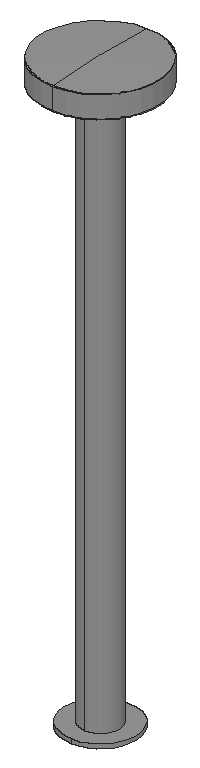
Revit family "PLIN 6.2", category Lighting Fixtures, Revit 2020
Family settings
  Round Connector Dimension = Use Diameter
  Part Type = Normal
  OmniClass Number = 23.80.70.00
  OmniClass Title = Lighting
  Work Plane-Based = Yes
  Always vertical = No
  Cut with Voids When Loaded = No
  Light Source = No
  Shared = No
  Room Calculation Point = Yes
Parameters (values of type "PLIN 6.2 A (3000K 14W 230Vac) h785")
  Wiring = "-"
  Width mm = 155 mm
  Weight kg = "3.00 kg"
  Vertical rotation max = 0.00°
  URL Accessories and power supply units = "https://www.lucelight.it/en/prodotto.php/144442#a-scheda-accessori"
  URL = "https://www.lucelight.it/en/prodotto.php/144442"
  URL Technical sheet = "-"
  URL Image = "https://www.lucelight.it/en/prodotto-foto.php/144442"
  URL IES Photometric file = "https://www.lucelight.it/media/prodotti/fotometrie/plin_6.2_ies.zip"
  URL General code = "https://www.lucelight.it/en/prodotto.php/144442#a-generacodice"
  URL Description = "https://www.lucelight.it/en/capitolato.php/144442"
  URL DXF = "https://www.lucelight.it/media/prodotti/dxf/plin_6.2.dxf"
  URL Catalogue = "-"
  Power supply unit = "built-in\r\nnot included\r\nbuilt-in"
  Power supply = "230Vac"
  Power cables = "-"
  Power = "14W"
  Optics = "asymmetrical circular"
  No. and type of led = "8 power LEDs, 2-step MacAdam, 60 000h L90 B10 (Ta 25°C)"
  Model = "Plin 6.2"
  Manufacturer = "L&L Luce&Light"
  Notes = "Non-standard heights available on request"
  Mounting = "surface mounted (floor)"
  Material = "Head in aluminium, column in AISI 316L stainless steel. Screen in serigraphed, acid-etched, tempered extra-clear glass"
  Lumen output at source = "1560 lm (3000K)"
  Horizontal rotation max = 0.00°
  Description = "Bollards for outdoor applications"
  Default Elevation = 1219.2 mm
  Body = L&L_Anticorodal aluminium
  Lens = L&L_Tempered extra-clear glass
  Length mm = 155 mm
  LED Colour = "22000K, 2700K, 3000K, 4000K"
  IP = "IP65"
  Height mm = 785 mm
  Features = "-"
  Energy efficiency class = "A A+ A++"
  Delivered lumen output = "1160 lm (3000K)"
  Cutout dimensions = "-"
  Control system = "ON/OFF"
  Contact = "T: +39 0444 360571; E: lucelight@lucelight.it"
  Company = "L&L Luce&Light"
  Code = "-"
  CRI = "CRI 80"
  Apparent Load Phase 1 = 4.5 W
Reference planes
  plane 1 "Light Source Axis (F/B)": y = 0
  plane 2: z = 0
  plane 3 "Light Source Axis (L/R)": x = 0
  plane 4 "Light Source Elevation": z = 29
  plane 5: z = 111
Lines and regions (mm)
  reference lines
    curve 1: line (0, 0, 0) -> (-10, 0, 0)
Dimensions and locks
  aligned and locked: level to plane 2
Nested families
  nested 1: "Light source PLIN 6.2" at (61.507, -47.15, 763.165) x (0.6084, 0.7936, 0) z (0.7936, -0.6084, 0), type "PLIN 6.2 A (3000K 14W 230Vac) h785"
  nested 2: "PLIN 6.2_mod" at (0, 0, 0) x (0, 1, 0) z (0, 0, 1), type "PLIN 6.2_mod"
    with Width 37 mm, Type 3 yes, Type 2 no, Length Base 388.914 mm, Length 616 mm
Connectors
  electrical at (0, 0, 0), driven by "Apparent Load Phase 1"
    settings: index 1, voltage 500 V, apparent load 0 VA, apparent load phase1 4.5 VA, apparent load phase2 0 VA, apparent load phase3 0 VA, power factor 1, load classification "Lighting", number of poles 1, system type 31, power factor state 1, is connector primary yes, connector utility no, sub classification motor no, connector description ""
Definition of nested family "PLIN 6.2_mod"
  Parameters (values of type "PLIN 6.2_mod")
    Width [instance] = 37 mm
    Type 3 [instance] = yes
    Type 2 [instance] = no
    Lens = none
    Length Base [instance] = 388.914 mm
    Length [instance] = 616 mm
    Default Elevation = 1219.2 mm
    Body = none
  Reference planes
    plane 1 "Light Source Axis (F/B)": y = 0
    plane 2: z = 0
    plane 3 "Light Source Axis (L/R)": x = 0
    plane 4 "Light Source Elevation": z = 5.2
  Forms (mm)
    Extrusion 1, solid, material <- "Body", detail levels medium+fine
      sketch origin (0, 0, 0) x (1, 0, 0) y (0, 1, 0)
        loop
          circle (0, 0) r 47.5
      from 0 to 5.2
    Extrusion 2, solid, material <- "Body", detail levels medium+fine
      sketch origin (0, 0, 0) x (1, 0, 0) y (0, 1, 0)
        loop
          circle (0, 0) r 25
      from 5.2 to 754.98
    Sweep 3, solid, material <- "Body", detail levels fine
      path in 3D
        loop
          arc (-77.5, 0, 754.98) -> (0, -77.5, 754.98) -> (77.5, 0, 754.98) r 77.5
          arc (77.5, 0, 754.98) -> (0, 77.5, 754.98) -> (-77.5, 0, 754.98) r 77.5
      profile origin (0, 77.5, 754.98) x (0, -1, 0) y (0, 0, 1)
        loop
          line (0.56, 0) -> (3.491, 0) -> (3.491, 2.705) -> (77.49, 2.705) -> (77.49, 32.7) -> (0.56, 30.02) -> (0, 29.46) -> (0, 0.56) -> (0.56, 0)
    Extrusion 4, solid, material <- "Lens", detail levels medium+fine
      sketch origin (0, 0, 754.98) x (1, 0, 0) y (0, -1, 0)
        loop
          circle (0, 0) r 74.009
        loop
          circle (0, 0) r 25
      from -2.705 to 0
    Extrusion 5, solid, material <- "Body", detail levels coarse+medium
      sketch origin (0, 0, 749.78) x (1, 0, 0) y (0, 1, 0)
        loop
          circle (0, 0) r 77.5
      from 5.2 to 35.22
    Extrusion 6, solid, material <- "Body", detail levels coarse
      sketch origin (0, 0, 0) x (1, 0, 0) y (0, 1, 0)
        loop
          circle (0, 0) r 47.5
      from 0 to 754.98
  Lines and regions (mm)
    sketch lines
      curve 1: circle (0, 0, 754.98) r 77.5 normal (0, 0, 1)
  Dimensions and locks
    level to plane 4 "Light Source Elevation" = 5.2 mm
    aligned and locked: level to plane 2
Definition of nested family "Light source PLIN 6.2"
  Parameters (values of type "PLIN 6.2 A (3000K 14W 230Vac) h785")
    Wattage = 10.5021 W
    built-in parameter 1150110 = 1 (stored number, unit not read)
    built-in parameter 1114217 = 1 (stored number, unit not read)
    Tilt Angle = -90.00°
    built-in parameter 1150109 = 1 (stored number, unit not read)
    built-in parameter 1150134 = (empty or 0)
    built-in parameter 1150113 = 1 (stored number, unit not read)
    Photometric Web File = "PLIN 6.2 A [3000K 14W 230Vac] h785.IES"
    Lumens = 1560 lm
    built-in parameter 1150115 = 1 (stored number, unit not read)
    built-in parameter 1150105 = 755.59 (stored number, unit not read)
    built-in parameter 1150137 = (empty or 0)
    built-in parameter 1150139 = (empty or 0)
    built-in parameter 1150112 = 1 (stored number, unit not read)
    built-in parameter 1150114 = 1 (stored number, unit not read)
    built-in parameter 1150132 = 2
    built-in parameter 1150102 = (empty or 0)
    built-in parameter 1150138 = (empty or 0)
    built-in parameter 1150107 = 3000 (stored number, unit not read)
    built-in parameter 1150106 = 7.5559 (stored number, unit not read)
    built-in parameter 1150104 = 13.8 (stored number, unit not read)
    Dimming Lamp Color Temperature Shift = (empty or 0)
    Default Elevation = 1219.2 mm
    Color Filter = 16777215
    built-in parameter 1114218 = 1 (stored number, unit not read)
    built-in parameter 1150133 = 10 (stored number, unit not read)
  Reference planes
    plane 1 "Light Source Axis (F/B)": y = 0
    plane 2: z = 0
    plane 3 "Light Source Axis (L/R)": x = 0
    plane 4 "Light Source Elevation": z = 0
  Dimensions and locks
    aligned and locked: plane 3 "Light Source Axis (L/R)" to imposter light
    aligned and locked: plane 1 "Light Source Axis (F/B)" to imposter light
    aligned and locked: plane 4 "Light Source Elevation" to imposter light
    aligned and locked: level to plane 2
